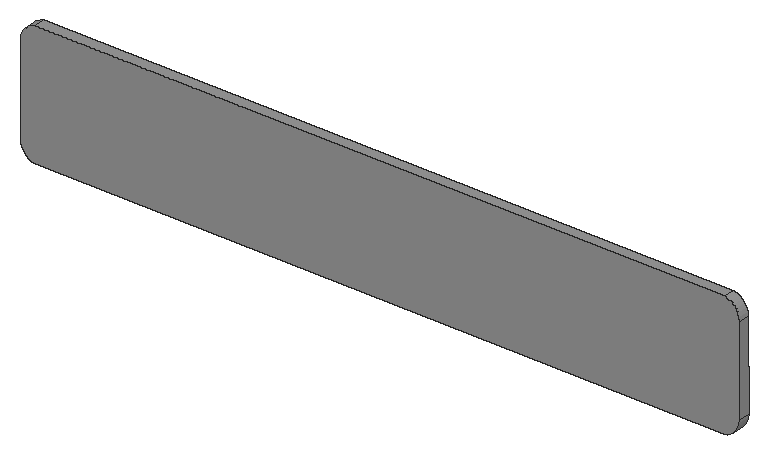
Revit family "Bow Screen", category Furniture, Revit 2019
Family settings
  OmniClass Number = 23.40.20.00
  OmniClass Title = General Furniture and Specialties
  Work Plane-Based = No
  Always vertical = Yes
  Cut with Voids When Loaded = No
  Shared = No
  Room Calculation Point = No
Parameters (values of type "1970 x 380 High Screen")
  Width = 1970 mm
  URL = "www.gof.co.uk"
  Screen = GABRIEL Byron_07101
  Range = "SCREENS"
  Product Data Specification = "https://gof.co.uk/wp-content/uploads/2018/03/Mirage-Lite-Product-Specfication-Sheets.pdf"
  Product Code = "ML2004-1"
  Product Brochure = ""
  Model = "MIRAGE LITE"
  Manufacturer = "Gresham Office Furniture"  # constant formula
  Assembly Code = "E2020200"
Types (8, lengths in mm): name | Width | Product Code
  (no name) | 1970 | "ML2004-1"
  1970 x 380 High Screen | 1970 | "ML2004-1"
  1770 x 380 High Screen | 1770 | "ML1804-1"
  1570 x 380 High Screen | 1570 | "ML1604-1"
  1370 x 380 High Screen | 1370 | "ML1404-1"
  1170 x 380 High Screen | 1170 | "ML1204-1"
  970 x 380 High Screen | 970 | "ML1004-1"
  770 x 380 High Screen | 770 | "ML804-1"
Reference planes
  plane 1 "Center (Front/Back)": y = 0
  plane 2: z = 0
  plane 3 "Center (Left/Right)": x = 0
  plane 4: x = 985
  plane 5: x = -985
  plane 6: z = 727
  plane 7: z = 1107
  plane 8: x = -492.5
  plane 9: x = 492.5
Forms (mm)
  Extrusion 1, solid, material "GABRIEL Byron_07101" <- "Screen"
    sketch origin (0, 0.307, 20) x (1, 0, 0) y (0, 0, 1)
      loop
        line (-942.947, 707.368) -> (942.947, 707.368)
        arc (942.947, 707.368) -> (973.061, 724.308) -> (985, 756.732) r 50
        line (985, 756.732) -> (985, 997.919)
        arc (985, 997.919) -> (973.576, 1029.73) -> (944.523, 1047.004) r 50
        arc (944.523, 1047.004) -> (0, 1087) -> (-944.523, 1047.004) r 11172.701
        arc (-944.523, 1047.004) -> (-973.576, 1029.73) -> (-985, 997.919) r 50
        line (-985, 997.919) -> (-985, 756.732)
        arc (-985, 756.732) -> (-973.061, 724.308) -> (-942.947, 707.368) r 50
    from -14.693 to 15.307
Lines and regions (mm)
  reference lines
    curve 1: line (-985, 0, 1017.919) -> (985, 0, 1017.919)
Dimensions and locks
  "Width": plane 5 to plane 4
  equal spacing: plane 5, plane 3 "Center (Left/Right)", plane 4
  locked: plane 6 to level at 727
  equal spacing: Extrusion 1, plane 1 "Center (Front/Back)", Extrusion 1
  locked: Extrusion 1 to Extrusion 1 at 30
  locked: plane 7 to plane 6 at 380
  equal spacing: plane 3 "Center (Left/Right)", plane 8, plane 5
  equal spacing: plane 4, plane 9, plane 3 "Center (Left/Right)"
  plane 7 to Extrusion 1 sketch curve = 39.996 mm  (x2)
  Extrusion 1 sketch curve to curve 1 = 89.081 mm
  aligned and locked: level to plane 2
  aligned and locked: Extrusion 1 to plane 5
  aligned and locked: plane 4 to Extrusion 1
Automatic sketch dimensions
  Extrusion 1 sketch curve to plane 5 = 0 mm
  Extrusion 1 sketch curve to plane 3 "Center (Left/Right)" = 0 mm
  Extrusion 1 sketch curve to plane 4 = 0 mm
  plane 6 to Extrusion 1 sketch curve = 0.368 mm
  plane 5 to Extrusion 1 sketch curve = 42.053 mm
  plane 5 to Extrusion 1 sketch curve = 50 mm
  plane 6 to Extrusion 1 sketch curve = 49.732 mm
  Extrusion 1 sketch curve to Extrusion 1 sketch curve = 50 mm
  Extrusion 1 sketch curve to plane 4 = 50 mm
  Extrusion 1 sketch curve to plane 4 = 42.053 mm
  plane 7 to Extrusion 1 sketch curve = 89.081 mm
  curve 1 to plane 5 = 0 mm
  curve 1 to plane 4 = 0 mm
  plane 7 to curve 1 = 89.081 mm
